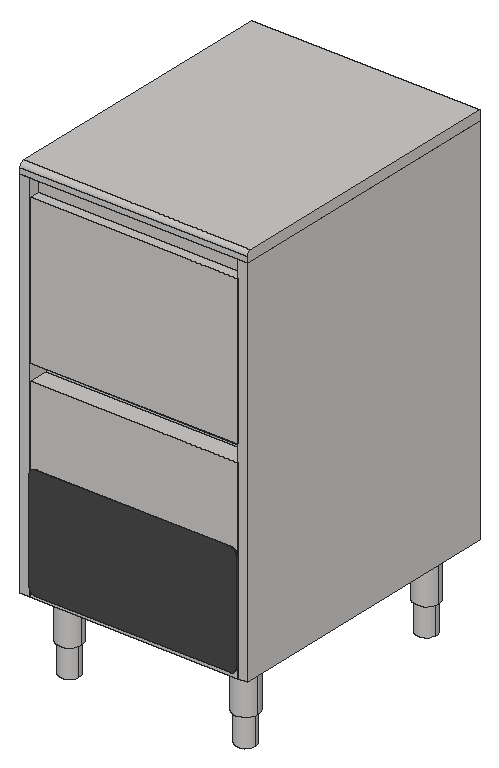
Revit family "QF_ELECTROLUXPROFESSIONAL_730303_ICB47I20SNP", category Attrezzature speciali, Revit 2018
Family settings
  Quota connettore circolare = Usa diametro
  Tipo di parte = Normale
  Basato su piano di lavoro = No
  Sempre verticale = Sì
  Taglio con vuoti quando caricato = No
  Condiviso = No
  Punto di calcolo locali = No
Parameters (values of type "Standard")
  Weight = 45.00 kg
  Watts = 1000 W
  Volts = 220 V
  URL Manufacturer = "https://www.electroluxprofessional.com/"
  URL = "https://www.electroluxprofessional.com/"
  Steam Supply Size = 0 mm
  Steam Supply Minimum Pressure = 0.0 Pa
  Steam Supply Maximum Pressure = 0.0 Pa
  Steam Pounds per Hour = 0
  Show Logo [instance] = yes
  Show Clearance [instance] = yes
  Refrigeration Suction Line Size = 0 mm
  Refrigeration Liquid Line Size = 0 mm
  Refrigerant Compressor Remote = yes
  Produttore = "Electrolux Professional"
  Phase = 1
  Modello = "ICB47I20SNP"
  Length Actual = 465 mm  # constant formula
  Item Number = "730303"
  Hot Water Size = 0 mm
  Height Actual = 894 mm  # constant formula
  HP = "1.3 HP"
  Gas Size = 0 mm
  Gas KW = 0
  Gas Input Pressure = 0 W
  Descrizione = "AIR COOLED ICE CUBER 22GR 47KG/24H-BIN 20KG"
  Depth Actual = 595 mm  # constant formula
  Cycle = 50 Hz
  Condensate Return Size = 0 mm
  Compressed Air Volume = 0.0 L/s
  Compressed Air Size = 0 mm
  Compressed Air Pressure = 0.0 Pa
  Cold Water Size = 19.05 mm
  Accessory = yes
Reference planes
  plane 1 "Center X": y = 272.851
  plane 2: z = 0
  plane 3 "Center Y": x = -501.5
  plane 4 "LEFT": x = -734
  plane 5 "RIGHT": x = -269
  plane 6 "FRONT": y = -24.149
  plane 7 "BACK": y = 569.851
  plane 8: z = 155
  plane 9: z = 944
  plane 10: z = 924
  plane 11: x = -714
  plane 12: x = -289
  plane 13: y = 15.851
Forms (mm)
  Extrusion 1, solid, material "QF_Finishes_Black"
    sketch origin (-217.296, -24.149, 371.513) x (-1, 0, 0) y (0, 0, -1)
      loop
        arc (481.704, -21.487) -> (492.311, -17.093) -> (496.704, -6.487) r 15
        line (496.704, -6.487) -> (496.704, 194.469)
        arc (496.704, 194.469) -> (492.311, 205.075) -> (481.704, 209.469) r 15
        line (481.704, 209.469) -> (86.704, 209.469)
        arc (86.704, 209.469) -> (76.097, 205.075) -> (71.704, 194.469) r 15
        line (71.704, 194.469) -> (71.704, -6.487)
        arc (71.704, -6.487) -> (76.097, -17.093) -> (86.704, -21.487) r 15
        line (86.704, -21.487) -> (481.704, -21.487)
    from 0 to 2
  Extrusion 2, solid, material "QF_Finishes_Stainless Steel"
    sketch origin (-501.5, 0, 0) x (0, 1, 0) y (0, 0, 1)
      loop
        line (569.851, 924) -> (569.851, 944) -> (-14.149, 944)
        arc (-14.149, 944) -> (-21.22, 941.071) -> (-24.149, 934) r 10
        line (-24.149, 934) -> (-24.149, 924) -> (569.851, 924)
    from -232.5 to 232.5
  Extrusion 3, solid, material "QF_Finishes_Stainless Steel"
    sketch origin (-321.2, 569.851, -329.545) x (1, 0, 0) y (0, 0, -1)
      loop
        circle (-16.8, -655.545) r 10
    from 0 to 10
  Extrusion 4, solid, material "QF_Finishes_Stainless Steel"
    sketch origin (0, 0, 0) x (1, 0, 0) y (0, 1, 0)
      loop
        line (-734, 569.851) -> (-734, -24.149) -> (-714, -24.149) -> (-714, 569.851) -> (-734, 569.851)
    from 155 to 924
  Extrusion 5, solid, material "QF_Finishes_Stainless Steel"
    sketch origin (0, 0, 0) x (1, 0, 0) y (0, 1, 0)
      loop
        line (-289, 569.851) -> (-289, -24.149) -> (-269, -24.149) -> (-269, 569.851) -> (-289, 569.851)
    from 155 to 924
  Extrusion 6, solid, material "QF_Finishes_Stainless Steel"
    sketch origin (0, 0, 0) x (1, 0, 0) y (0, 1, 0)
      loop
        line (-714, 569.851) -> (-714, 15.851) -> (-289, 15.851) -> (-289, 569.851) -> (-714, 569.851)
    from 155 to 924
  Extrusion 7, solid, material "QF_Finishes_Stainless Steel"
    sketch origin (0, 0, 0) x (1, 0, 0) y (0, 1, 0)
      loop
        line (-714, -24.149) -> (-289, -24.149) -> (-289, 15.851) -> (-714, 15.851) -> (-714, -24.149)
    from 155 to 550.848
  Extrusion 8, solid, material "QF_Finishes_Stainless Steel"
    sketch origin (-501.5, 0, 0) x (0, 1, 0) y (0, 0, 1)
      loop
        line (15.851, 924) -> (-4.149, 924) -> (-4.149, 888) -> (-24.149, 888) -> (-24.149, 584.768) -> (-4.149, 584.768) -> (-4.149, 569) -> (15.851, 569) -> (15.851, 924)
    from -212.5 to 212.5
  Extrusion 9, solid, material "QF_Finishes_Stainless Steel"
    sketch origin (-303.2, 569.851, -440.545) x (1, 0, 0) y (0, 0, -1)
      loop
        circle (-16.8, -655.545) r 10
    from 0 to 10
  Extrusion 10, solid, material "QF_Finishes_Stainless Steel"
    sketch origin (-363.2, 569.851, -361.545) x (1, 0, 0) y (0, 0, -1)
      loop
        circle (-16.8, -655.545) r 10
    from 0 to 10
Lines and regions (mm)
  Split face 1
    outline origin (-501.5, -4.149, 924) x (0, 0, -1) y (1, 0, 0)
      loop
        line (5.715, 89.928) -> (30.715, 89.928) -> (30.715, 129.928) -> (5.715, 129.928) -> (5.715, 89.928)
  symbolic lines
    curve 1: line (-734, 569.851, 0) -> (-269, 569.851, 0)
    curve 2: line (-734, -24.149, 0) -> (-734, 569.851, 0)
    curve 3: line (-269, -24.149, 0) -> (-734, -24.149, 0)
    curve 4: line (-269, 569.851, 0) -> (-269, -24.149, 0)
Dimensions and locks
  equal spacing: plane 4 "LEFT", plane 3 "Center Y", plane 5 "RIGHT"
  plane 4 "LEFT" to plane 5 "RIGHT" = 465 mm
  equal spacing: plane 7 "BACK", plane 1 "Center X", plane 6 "FRONT"
  plane 7 "BACK" to plane 6 "FRONT" = 594 mm
  plane 8 to plane 2 = 155 mm
  plane 9 to plane 8 = 789 mm
  locked: plane 4 "LEFT" to plane 11 at 20
  locked: plane 12 to plane 5 "RIGHT" at 20
  locked: plane 9 to plane 10 at 20
  locked: plane 13 to plane 6 "FRONT" at 40
  aligned and locked: level to plane 2
  aligned and locked: plane 5 "RIGHT" to Extrusion 2
  aligned and locked: Extrusion 2 to plane 4 "LEFT"
  aligned and locked: Extrusion 4 sketch curve to Extrusion 2  (x2)
  aligned and locked: plane 6 "FRONT" to Extrusion 4 sketch curve
  aligned and locked: Extrusion 4 sketch curve to plane 11
  aligned and locked: Extrusion 5 sketch curve to plane 7 "BACK"
  aligned and locked: plane 12 to Extrusion 5 sketch curve
  aligned and locked: Extrusion 5 sketch curve to Extrusion 2  (x2)
  aligned and locked: plane 10 to Extrusion 4
  aligned and locked: plane 10 to Extrusion 5
  aligned and locked: Extrusion 4 to plane 8
  aligned and locked: Extrusion 5 to plane 8
  aligned and locked: Extrusion 6 sketch curve to Extrusion 4
  aligned and locked: Extrusion 4 to Extrusion 6 sketch curve
  aligned and locked: plane 13 to Extrusion 6 sketch curve
  aligned and locked: Extrusion 6 sketch curve to plane 12
  aligned and locked: plane 10 to Extrusion 6
  aligned and locked: Extrusion 6 to plane 8
  aligned and locked: Extrusion 4 to Extrusion 7 sketch curve
  aligned and locked: Extrusion 7 sketch curve to Extrusion 4
  aligned and locked: plane 13 to Extrusion 7 sketch curve
  aligned and locked: plane 12 to Extrusion 7 sketch curve
  aligned and locked: Extrusion 7 to plane 8
  aligned and locked: plane 12 to Extrusion 8
  aligned and locked: Extrusion 8 to plane 11
Automatic sketch dimensions
  curve 3 to plane 4 "LEFT" = 0 mm
  curve 3 to plane 5 "RIGHT" = 0 mm
  curve 3 to plane 6 "FRONT" = 0 mm
  curve 2 to plane 7 "BACK" = 0 mm
  Extrusion 1 sketch curve to plane 12 = 0 mm
  plane 8 to Extrusion 1 sketch curve = 7.044 mm
  Extrusion 1 sketch curve to Extrusion 1 sketch curve = 15 mm  (x3)
  plane 11 to Extrusion 1 sketch curve = 15 mm  (x2)
  Extrusion 1 sketch curve to Extrusion 1 sketch curve = 200.956 mm
  Extrusion 2 sketch curve to plane 6 "FRONT" = 0 mm
  Extrusion 2 sketch curve to plane 9 = 0 mm
  Extrusion 2 sketch curve to plane 7 "BACK" = 0 mm
  Extrusion 2 sketch curve to plane 10 = 0 mm
  plane 6 "FRONT" to Extrusion 2 sketch curve = 10 mm
  Extrusion 6 to Extrusion 3 sketch curve = 171 mm
  Extrusion 3 sketch curve to Extrusion 6 = 49 mm
  Extrusion 8 sketch curve to plane 6 "FRONT" = 0 mm
  Extrusion 8 sketch curve to plane 10 = 0 mm
  Extrusion 8 sketch curve to plane 13 = 0 mm
  plane 6 "FRONT" to Extrusion 8 sketch curve = 20 mm  (x2)
  Extrusion 8 sketch curve to plane 10 = 36 mm
  Extrusion 8 sketch curve to Extrusion 8 sketch curve = 303.232 mm
  Extrusion 8 sketch curve to Extrusion 8 sketch curve = 15.768 mm
  Split face 1 sketch curve to Extrusion 8 = 5.715 mm
  Extrusion 8 to Split face 1 sketch curve = 5.285 mm
  Split face 1 sketch curve to Extrusion 8 = 122.572 mm
  Split face 1 sketch curve to Split face 1 sketch curve = 40 mm
  Extrusion 9 sketch curve to Extrusion 6 = 31 mm
  Extrusion 6 to Extrusion 9 sketch curve = 60 mm
  Extrusion 10 sketch curve to Extrusion 6 = 91 mm
  Extrusion 6 to Extrusion 10 sketch curve = 139 mm
  radius of Extrusion 3 sketch curve = 10 mm
  radius of Extrusion 9 sketch curve = 10 mm
  radius of Extrusion 10 sketch curve = 10 mm
Nested families
  nested 1: "Foot_Complete" at (-682, 36.851, 0), type "Foot_Complete"
    with H 155 mm
  nested 2: "Foot_Complete" at (-321, 36.851, 0) x (-1, 0, 0) z (0, 0, 1), type "Foot_Complete"
    with H 155 mm
  nested 3: "Foot_Complete" at (-682, 498.851, 0), type "Foot_Complete"
    with H 155 mm
  nested 4: "Foot_Complete" at (-321, 498.851, 0) x (-1, 0, 0) z (0, 0, 1), type "Foot_Complete"
    with H 155 mm
Connectors
  electrical at (-320, 579.851, 215), driven by "Volts"
    settings: on Extrusion 9, index 1, voltage 220 V, apparent load 0 VA, apparent load phase1 0 VA, apparent load phase2 0 VA, apparent load phase3 0 VA, power factor 1, load classification "Altro", number of poles 1, system type 30, power factor state 1, is connector primary yes, connector utility no, sub classification motor no, connector description "Electrical Connection"
  piping at (-338, 579.851, 326), diameter 20
    settings: on Extrusion 3, index 2, connector inside diameter 609.6 mm, connector length 0 mm, flow factor 0, pipe flow 0.0 L/s, pressure drop 0.0 Pa, fitting loss kfactor 0, connector angle 0.00°, fixture units 0, engagement length 0 mm, angle of deflection 0.00°, flow configuration 0, flow direction 0, fitting loss method 0, system type 20, joint type 0, gender type 0, connector reference index -1, connector utility 0, adjustable connector no, is connector primary yes, connector description "Cold water"
  piping at (-380, 579.851, 294), diameter 20
    settings: on Extrusion 10, index 3, connector inside diameter 609.6 mm, connector length 0 mm, flow factor 0, pipe flow 0.0 L/s, pressure drop 0.0 Pa, fitting loss kfactor 0, connector angle 0.00°, fixture units 0, engagement length 0 mm, angle of deflection 0.00°, flow configuration 0, flow direction 0, fitting loss method 0, system type 16, joint type 0, gender type 0, connector reference index -1, connector utility 0, adjustable connector no, is connector primary no, connector description "Drain"
Definition of nested family "Foot_Complete"
  Parameters (values of type "Foot_Complete")
    R = 25 mm
    H = 153 mm
  Reference planes
    plane 1 "Centro (Fronte/Retro)": y = 0
    plane 2: z = 0
    plane 3 "Centro (Sinistra/Destra)": x = 0
    plane 4: z = 153
  Forms (mm)
    Revolve 1, solid
      sketch origin (255.05, 0, 608.09) x (0, 0, 1) y (-1, 0, 0)
        loop
          line (-608.09, 255.05) -> (-608.09, 235.05) -> (-548.09, 235.05) -> (-548.09, 230.05) -> (-455.09, 230.05) -> (-455.09, 255.05) -> (-608.09, 255.05)
        axis (-608.09, 255.05) -> (-455.09, 255.05)
      angle from 0 to 360
  Dimensions and locks
    level to Revolve 1 sketch curve = 60 mm
    "R": Revolve 1 sketch curve to plane 3 "Centro (Sinistra/Destra)"
    "H": plane 4 to level
    aligned and locked: level to plane 2
    aligned and locked: plane 4 to Revolve 1 sketch curve
    aligned and locked: Revolve 1 sketch curve to level
    aligned and locked: plane 3 "Centro (Sinistra/Destra)" to Revolve 1 sketch curve
  Automatic sketch dimensions
    Revolve 1 sketch curve to plane 3 "Centro (Sinistra/Destra)" = 0 mm
    plane 3 "Centro (Sinistra/Destra)" to Revolve 1 sketch curve = 20 mm
    Revolve 1 sketch curve to Revolve 1 sketch curve = 50 mm
    Revolve 1 sketch curve to Revolve 1 sketch curve = 20 mm
